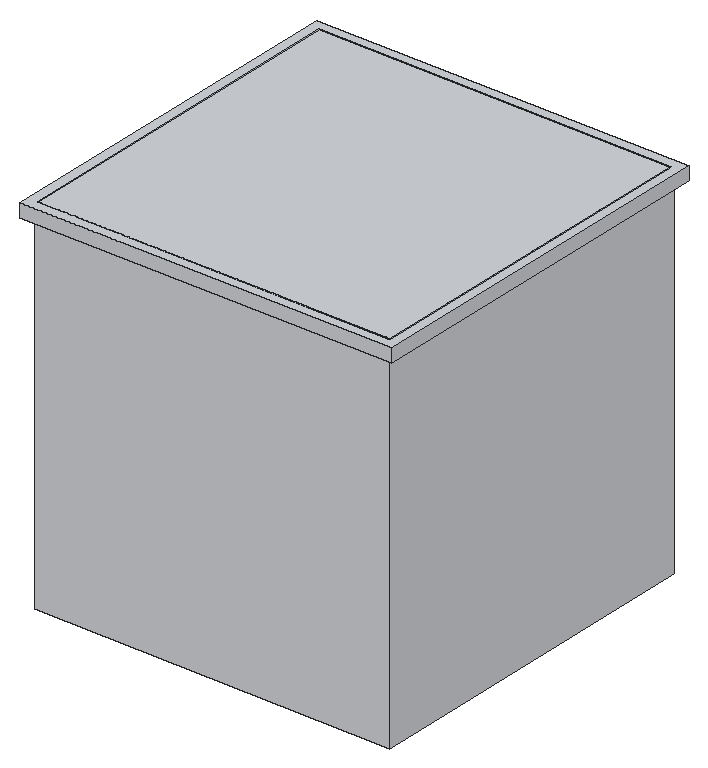
Revit family "Building-Conduits-GEWISS-PU-ACCESS-CHAMBER-THERMOPLASTIC_SQUARE", category Attrezzatura elettrica, host Superficie, Revit 2016
Family settings
  Host = Superficie
  Configurazione quadro = Due colonne, circuiti in orizzontale
  Tipo di parte = Pannello comandi
  Quota connettore circolare = Usa diametro
  Numero OmniClass = 23.80.30.00
  Titolo OmniClass = Distribution Devices
  Taglio con vuoti quando caricato = No
  Condiviso = No
  Punto di calcolo locali = Sì
Parameters (values of type "DX59902 - 500X500 ACCESS CHAMBER WITHOUT LID")
  Version file RFA = "18.0"
  URL = "https://www.gewiss.com/ww/en"
  Technical sheet = "https://www.gewiss.com/ww/en/search?q=DX59902"
  Simbolo acceso = yes
  SEO = "Well"
  Realized by GEWISS S.p.A. = ""
  Default Elevation = 1219.2 mm
  Produttore = "GEWISS S.p.A."
  Pozzetto [instance] = yes
  Modello = "DX59902"
  Lunghezza pozzetto = 550 mm
  Larghezza_pozzetto = 550 mm
  Incasso pozzetto = 520 mm
  Immagine tipo = DX59902.jpg
  IFC.TypeObject = ""
  IFC.ExportType = ""
  IFC.ExportAs = ""
  IDT = "652dbf2e-3665-4c45-83b8-61deb2828763"
  IDF = "7d80b8f5-db45-42b8-bc80-d20d9b467a1b"
  Finitura pozzetto = none
  Electrocod = "210"
  EAN code = "8011564131323"
  Dimensions (mm) = "550x550x520 mm"
  Dimension = "550x550x520 mm"
  Descrizione = "500X500 ACCESS CHAMBER WITHOUT LID"
  Colour = "Grey"
  Characteristics = "Flat semi-pierced base for boosting"
  Catalogue Range = "PU"
  Catalogue = "BUILDING"
  COBie.Tagnumber = ""
  COBie.CreatedOn = ""
  COBie.CreatebBy = ""
  COBie.ComponentRegisterItemID = ""
  COBie.Component.TagNumber = ""
  COBie.Component.Space = ""
  COBie.Component.SerialNumber = ""
  COBie.Component.InstallationDate = ""
  COBie.Component.Description = ""
  COBie.Component.BarCode = ""
  Bordo acceso = yes
Types (9, lengths in mm): name | URL | Technical sheet | Produttore | Modello | Lunghezza pozzetto | Larghezza_pozzetto | Incasso pozzetto | Immagine tipo | IDT | EAN code | Dimensions (mm) | Dimension | Descrizione | Characteristics
  (no name) | 0 | "" | 0 | 0 | 200 | 200 | 200 | DX59401.jpg | "" | "" | "" | "" | 0 | ""
  DX59401 - 200X200 ACCESS CHAMBER | "https://www.gewiss.com/ww/en" | "https://www.gewiss.com/ww/en/search?q=DX59401" | "GEWISS S.p.A." | "DX59401" | 200 | 200 | 200 | DX59401.jpg | "1d4a9970-0cba-4cf7-8bdc-9f76e2bf5b5b" | "8011564131019" | "200x200x200 mm" | "200x200x200 mm" | "200X200 ACCESS CHAMBER" | "Flat knockout base and high resistance lid"
  DX59402 - 200X200 ACCESS CHAMBER WITHOUT LID | "https://www.gewiss.com/ww/en" | "https://www.gewiss.com/ww/en/search?q=DX59402" | "GEWISS S.p.A." | "DX59402" | 200 | 200 | 200 | DX59402.jpg | "0f2fcb25-adbe-4461-9209-bae5d2256121" | "8011564131026" | "200x200x200 mm" | "200x200x200 mm" | "200X200 ACCESS CHAMBER WITHOUT LID" | "Flat semi-pierced base for boosting"
  DX59701 - 300X300 ACCESS CHAMBER | "https://www.gewiss.com/ww/en" | "https://www.gewiss.com/ww/en/search?q=DX59701" | "GEWISS S.p.A." | "DX59701" | 300 | 300 | 300 | DX59701.jpg | "9af29cd3-5829-4de4-8b95-03a3c8a3e54e" | "8011564131163" | "300x300x300 mm" | "300x300x300 mm" | "300X300 ACCESS CHAMBER" | "Flat knockout base and high resistance lid"
  DX59702 - 300X300 ACCESS CHAMBER WITHOUT LID | "https://www.gewiss.com/ww/en" | "https://www.gewiss.com/ww/en/search?q=DX59702" | "GEWISS S.p.A." | "DX59702" | 300 | 300 | 300 | DX59702.jpg | "66152a9d-693f-4225-82eb-89ca2de73e1d" | "8011564131170" | "300x300x300 mm" | "300x300x300 mm" | "300X300 ACCESS CHAMBER WITHOUT LID" | "Flat semi-pierced base for boosting"
  DX59801 - 400X400 ACCESS CHAMBER | "https://www.gewiss.com/ww/en" | "https://www.gewiss.com/ww/en/search?q=DX59801" | "GEWISS S.p.A." | "DX59801" | 400 | 400 | 400 | DX59801.jpg | "f741fd40-7e92-42f1-bbf5-f51c0e1cc6db" | "8011564131231" | "400x400x400 mm" | "400x400x400 mm" | "400X400 ACCESS CHAMBER" | "Flat knockout base and high resistance lid"
  DX59802 - 400X400 ACCESS CHAMBER WITHOUT LID | "https://www.gewiss.com/ww/en" | "https://www.gewiss.com/ww/en/search?q=DX59802" | "GEWISS S.p.A." | "DX59802" | 400 | 400 | 400 | DX59802.jpg | "e5f4ecf4-fca2-411c-aeef-625e4648df06" | "8011564131248" | "400x400x400 mm" | "400x400x400 mm" | "400X400 ACCESS CHAMBER WITHOUT LID" | "Flat semi-pierced base for boosting"
  DX59901 - 500X500 ACCESS CHAMBER | "https://www.gewiss.com/ww/en" | "https://www.gewiss.com/ww/en/search?q=DX59901" | "GEWISS S.p.A." | "DX59901" | 550 | 550 | 520 | DX59901.jpg | "4dca0697-ad10-43e1-a185-c9566e47f09b" | "8011564131316" | "550x550x520 mm" | "550x550x520 mm" | "500X500 ACCESS CHAMBER" | "Flat knockout base and high resistance lid"
  DX59902 - 500X500 ACCESS CHAMBER WITHOUT LID | "https://www.gewiss.com/ww/en" | "https://www.gewiss.com/ww/en/search?q=DX59902" | "GEWISS S.p.A." | "DX59902" | 550 | 550 | 520 | DX59902.jpg | "652dbf2e-3665-4c45-83b8-61deb2828763" | "8011564131323" | "550x550x520 mm" | "550x550x520 mm" | "500X500 ACCESS CHAMBER WITHOUT LID" | "Flat semi-pierced base for boosting"
Values of the unnamed type that differ from the named types
  Version file RFA = ""
  SEO = ""
  IDF = ""
  Electrocod = ""
  Colour = ""
  Catalogue Range = ""
  Catalogue = ""
Reference planes
  plane 1 "Centro (Fronte/Retro)": y = 0
  plane 2: z = 0
  plane 3 "Centro (Sinistra/Destra)": x = 0
  plane 4: x = -275
  plane 5: y = -275
  plane 6: x = 275
  plane 7: y = 275
  plane 8: x = -260
  plane 9: y = 260
  plane 10: x = 260
  plane 11: y = -260
  plane 12: z = 20
  plane 13: z = -520
  plane 14: x = -263
  plane 15: y = -263
  plane 16: x = 263
  plane 17: y = 263
  plane 18: z = -517
Forms (mm)
  Extrusion 1, solid, material <- "Finitura pozzetto", visible <- "Pozzetto"
    sketch origin (0, 0, 0) x (1, 0, 0) y (0, 1, 0)
      loop
        line (-275, 275) -> (-275, -275) -> (275, -275) -> (275, 275) -> (-275, 275)
      loop
        line (-260, 260) -> (-260, -260) -> (260, -260) -> (260, 260) -> (-260, 260)
    from 0 to 20
  Extrusion 2, void
    sketch origin (0, 0, 0) x (1, 0, 0) y (0, 1, 0)
      loop
        line (-263, 263) -> (-263, -263) -> (263, -263) -> (263, 263) -> (-263, 263)
    from -520 to 0
  Extrusion 3, solid, visible <- "Pozzetto"
    sketch origin (0, 0, 0) x (1, 0, 0) y (0, 1, 0)
      loop
        line (-263, 263) -> (-263, -263) -> (263, -263) -> (263, 263) -> (-263, 263)
      loop
        line (-260, 260) -> (-260, -260) -> (260, -260) -> (260, 260) -> (-260, 260)
    from -520 to 0
  Extrusion 4, solid, visible <- "Pozzetto"
    sketch origin (0, 0, 0) x (1, 0, 0) y (0, 1, 0)
      loop
        line (-263, 263) -> (-263, -263) -> (263, -263) -> (263, 263) -> (-263, 263)
    from -520 to -517
  Extrusion 5, solid, material <- "Finitura pozzetto", visible <- "Pozzetto"
    sketch origin (0, 0, 0) x (1, 0, 0) y (0, 1, 0)
      loop
        line (-260, 260) -> (-260, -260) -> (260, -260) -> (260, 260) -> (-260, 260)
    from 0 to 20
Cuts and joins
  Extrusion 2 cuts Extrusion 1
  joined: Extrusion 3, Extrusion 4
Dimensions and locks
  equal spacing: plane 7, plane 1 "Centro (Fronte/Retro)", plane 5
  "Larghezza_pozzetto": plane 7 to plane 5
  equal spacing: plane 4, plane 3 "Centro (Sinistra/Destra)", plane 6
  "Lunghezza pozzetto": plane 4 to plane 6
  locked: plane 4 to plane 8 at 15
  locked: plane 7 to plane 9 at 15
  locked: plane 11 to plane 5 at 15
  locked: plane 10 to plane 6 at 15
  plane 12 to host face = 20 mm
  "Incasso pozzetto": host face to plane 13
  locked: plane 17 to plane 9 at 3
  locked: plane 10 to plane 16 at 3
  locked: plane 14 to plane 8 at 3
  locked: plane 11 to plane 15 at 3
  locked: plane 18 to plane 13 at 3
  aligned and locked: plane 2 to host face
  aligned and locked: level to host face
  aligned and locked: Extrusion 1 sketch curve to plane 7
  aligned and locked: Extrusion 1 sketch curve to plane 4
  aligned and locked: Extrusion 1 sketch curve to plane 5
  aligned and locked: Extrusion 1 sketch curve to plane 6
  aligned and locked: Extrusion 1 sketch curve to plane 9
  aligned and locked: Extrusion 1 sketch curve to plane 8
  aligned and locked: Extrusion 1 sketch curve to plane 11
  aligned and locked: Extrusion 1 sketch curve to plane 10
  aligned and locked: Extrusion 1 to host face
  aligned and locked: Extrusion 1 to plane 12
  aligned and locked: Extrusion 2 to plane 13
  aligned and locked: host face to Extrusion 2
  aligned and locked: Extrusion 2 sketch curve to plane 17
  aligned and locked: Extrusion 2 sketch curve to plane 14
  aligned and locked: Extrusion 2 sketch curve to plane 15
  aligned and locked: Extrusion 2 sketch curve to plane 16
  aligned and locked: Extrusion 3 sketch curve to plane 14
  aligned and locked: Extrusion 3 sketch curve to plane 8
  aligned and locked: Extrusion 3 sketch curve to plane 15
  aligned and locked: Extrusion 3 sketch curve to plane 11
  aligned and locked: Extrusion 3 sketch curve to plane 16
  aligned and locked: Extrusion 3 sketch curve to plane 10
  aligned and locked: Extrusion 3 sketch curve to plane 17
  aligned and locked: Extrusion 3 sketch curve to plane 9
  aligned and locked: Extrusion 3 to plane 13
  aligned and locked: level to Extrusion 3
  aligned and locked: Extrusion 4 sketch curve to Extrusion 3  (x4)
  aligned and locked: Extrusion 4 to plane 13
  aligned and locked: Extrusion 4 to plane 18
  aligned and locked: Extrusion 5 sketch curve to plane 10
  aligned and locked: Extrusion 5 sketch curve to plane 9
  aligned and locked: Extrusion 5 sketch curve to plane 8
  aligned and locked: Extrusion 5 sketch curve to plane 11
  aligned and locked: Extrusion 5 to level
  aligned and locked: Extrusion 5 to plane 12
Automatic sketch dimensions
  host sketch curve to host sketch curve = 2438.4 mm  (x2)
Nested families
  nested 1: "POZZETTO_BASE" at (0, -111.551, 0), type "POZZETTO"
    with SIMBOLO ACCESO yes, BORDO ACCESO yes
Connectors
  electrical at (0, 0, 20)
    settings: on cut or joined group of Extrusion 1, Extrusion 2, index 2, voltage 0 V, apparent load 0 VA, apparent load phase1 0 VA, apparent load phase2 0 VA, apparent load phase3 0 VA, power factor 1, load classification "Altro", number of poles 1, system type 31, power factor state 1, is connector primary yes, connector utility no, sub classification motor no, connector description ""
Definition of nested family "POZZETTO_BASE"
  Parameters (values of type "POZZETTO")
    SIMBOLO ACCESO [instance] = yes
    Distanza dal muro = 4.208 mm
    BORDO ACCESO [instance] = yes
  Reference planes
    plane 1: y = 0
    plane 2: x = 0
  Lines and regions (mm)
    Masking region 1
      outline origin (0, 0, 0) x (1, 0, 0) y (0, 1, 0)
        loop
          line (-3.619, 4.524) -> (-3.619, 0) -> (3.619, 0) -> (3.619, 4.524) -> (-3.619, 4.524)
    detail lines, visible <- "BORDO ACCESO"
      curve 1: line (-3.619, 4.524, 0) -> (3.619, 4.524, 0)
      curve 2: line (3.619, 4.524, 0) -> (3.619, 0, 0)
      curve 3: line (3.619, 0, 0) -> (-3.619, 0, 0)
      curve 4: line (-3.619, 0, 0) -> (-3.619, 4.524, 0)
      curve 5: line (-3.438, 4.343, 0) -> (3.438, 4.343, 0)
      curve 6: line (3.438, 4.343, 0) -> (3.438, 0.181, 0)
      curve 7: line (3.438, 0.181, 0) -> (-3.438, 0.181, 0)
      curve 8: line (-3.438, 0.181, 0) -> (-3.438, 4.343, 0)
    detail lines, visible <- "BORDO ACCESO", not visible
      curve 9: line (-2.443, 10.208, 0) -> (2.057, 10.208, 0)
      curve 10: line (2.057, 10.208, 0) -> (2.057, 4.208, 0)
      curve 11: line (2.057, 4.208, 0) -> (-2.443, 4.208, 0)
      curve 12: line (-2.443, 4.208, 0) -> (-2.443, 10.208, 0)
      curve 13: line (-2.043, 9.808, 0) -> (1.657, 9.808, 0)
      curve 14: line (1.657, 9.808, 0) -> (1.657, 4.608, 0)
      curve 15: line (1.657, 4.608, 0) -> (-2.043, 4.608, 0)
      curve 16: line (-2.043, 4.608, 0) -> (-2.043, 9.808, 0)
    detail lines, visible <- "SIMBOLO ACCESO"
      curve 17: line (1.442, 3.681, 0) -> (-1.442, 3.681, 0)
      curve 18: line (-1.442, 3.681, 0) -> (-1.442, 0.796, 0)
      curve 19: line (-1.442, 0.796, 0) -> (1.442, 0.796, 0)
      curve 20: line (1.442, 0.796, 0) -> (1.442, 3.681, 0)
      curve 21: line (-0.935, 1.304, 0) -> (0.935, 3.173, 0)
      curve 22: line (0.935, 3.173, 0) -> (-0.935, 3.173, 0)
      curve 23: line (-0.935, 3.173, 0) -> (-0.935, 1.304, 0)
      curve 24: line (-0.935, 1.304, 0) -> (0.935, 1.304, 0)
      curve 25: line (0.935, 1.304, 0) -> (0.935, 3.173, 0)
      curve 26: line (-0.935, 3.173, 0) -> (0.935, 1.304, 0)
  Dimensions and locks
    aligned and locked: Masking region 1 sketch curve to curve 1
    aligned and locked: Masking region 1 sketch curve to curve 4
    aligned and locked: Masking region 1 sketch curve to curve 3
    aligned and locked: Masking region 1 sketch curve to curve 2
